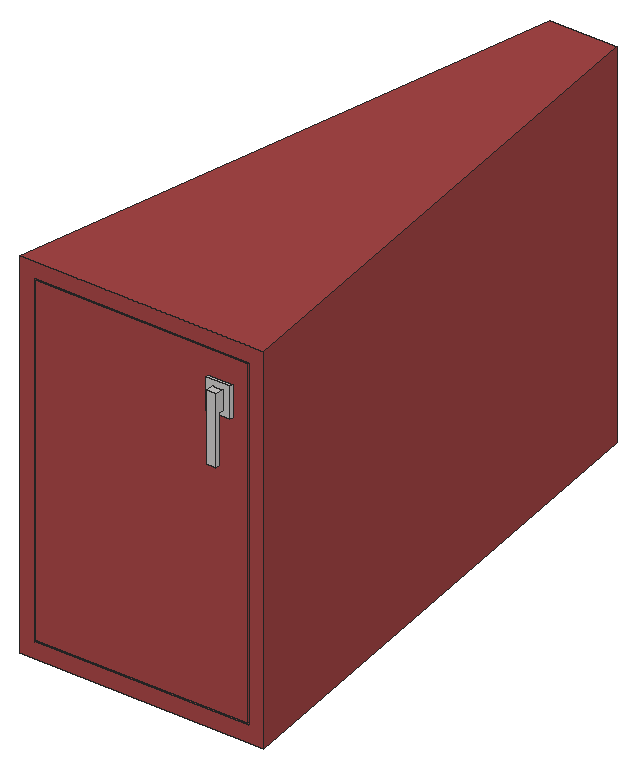
Revit family "Bike-Lockers_Huntco_BV-HW", category Site, host Face, Revit 2026
Family settings
  Host = Face
  Round Connector Dimension = Use Diameter
  Part Type = Normal
  Classification Number = 23.40.10.11.11
  Cut with Voids When Loaded = No
  Shared = No
Parameters
  Warranty Duration (Years) = 0
  Unit Width = 2' - 9"
  Unit Weight = 0
  Unit Length = 6' - 2 1/2"
  Unit Height = 4' - 0"
  URL = "http://www.huntco.com/"
  Test Data = ""
  Specification = "http://www.arcat.com/sdspecs/htm/02871hco.htm"
  SpecWizard = ""
  Sidewall Panel Perforations = yes
  Send Message = "http://www.arcat.com/users.pl?action=UserEmail&company=Huntco+Supply+LLC&coid=39482&rep=133&fax=503-274-2055&mf="
  Sales Information = ""
  Revision = "R1_11_2012"
  Regular Panels = not(or(Sidewall Panel Perforations, Door Panel Perforations))  # no
  Product Properties = ""
  Product Data = "http://www.arcat.com/arcatcos/cos39/arc39482.html"
  Model = "BV-HW"
  Manufacturer Website = "http://www.huntco.com/"
  Manufacturer Phone - Toll Free = "800-547-5909"
  Manufacturer Phone = "503-224-8700"
  Manufacturer Fax = "503-274-2055"
  Manufacturer Address = "Huntco Supply LLC P. O. Box 10385 Portland, OR 97296"
  Manufacturer = "Huntco Supply LLC"
  Maintenance Schedule (Months) = 0
  Locker Color = Metal - Steel - Huntco - Powdercoat as Specified
  Keynote = "02871"
  Installation-Fabrication = ""
  Installation Phase = ""
  Handle = Metal - Steel - Huntco - Stainless
  Green Building-LEED = "http://www.arcat.com/green/clients/leed_data_39482.html"
  Expected Lifespan (Years) = 0
  Drawn By = "Sumex Design, Inc. / Robert S. Weygant, CSI, CDT, SCIP"
  Door Panel Perforations = yes
  Description = "Huntco BV-HW Small Footprint Bike Locker"
  Default Elevation = 4' - 0"
  Copyright = "©Arcat Inc."
  Construction Details = "http://www.arcat.com/details/huntcosu/huntcosu.html?coid=39482"
  Capacity = "1 Bike"
  Building Codes = ""
  Assembly Code = "G2040500"
Reference planes (in)
  plane 1 "Center (Front/Back)": y = 0
  plane 2: z = 0
  plane 3 "Center (Left/Right)": x = 0
  plane 4: y = 37.25
  plane 5: y = -37.25
  plane 6: x = -16.5
  plane 7: x = 16.5
  plane 8: z = 48
  plane 9: x = -4.5
  plane 10: x = 4.5
Forms (in)
  Extrusion 1, solid, material "Metal - Steel - Huntco - Powdercoat as Specified" <- "Locker Color"
    sketch origin (0, 0, 0) x (1, 0, 0) y (0, 1, 0)
      loop
        line (-4.5, 37.25) -> (-16.5, -37.25) -> (-14.5, -37.25) -> (-14.5, -36.75) -> (-15.91302, -36.75) -> (-4.07409, 36.75) -> (4.07409, 36.75) -> (15.91302, -36.75) -> (14.5, -36.75) -> (14.5, -37.25) -> (16.5, -37.25) -> (4.5, 37.25) -> (-4.5, 37.25)
    from 0 to 46
  Extrusion 2, solid, material "Metal - Steel - Huntco - Powdercoat as Specified" <- "Locker Color"
    sketch origin (0, 0, 0) x (1, 0, 0) y (0, 0, 1)
      loop
        line (14.5, 0) -> (14.5, 2) -> (-14.5, 2) -> (-14.5, 0) -> (14.5, 0)
    from 37.25 to 36.75
  Extrusion 3, solid, material "Metal - Steel - Huntco - Powdercoat as Specified" <- "Locker Color"
    sketch origin (0, 0, 0) x (1, 0, 0) y (0, 1, 0)
      loop
        line (-4.5, 37.25) -> (-16.5, -37.25) -> (16.5, -37.25) -> (4.5, 37.25) -> (-4.5, 37.25)
    from 48 to 46
  Extrusion 4, solid, material "Metal - Steel - Huntco - Powdercoat as Specified" <- "Locker Color"
    sketch origin (0, 0, 0) x (1, 0, 0) y (0, 0, 1)
      loop
        line (-14.5, 45.75) -> (-14.5, 2.25) -> (14.25, 2.25) -> (14.25, 45.75) -> (-14.5, 45.75)
    from 37.25 to 36.75
  Extrusion 5, solid, material "Metal - Steel - Huntco - Powdercoat as Specified" <- "Locker Color"
    sketch origin (0, 0, 0) x (1, 0, 0) y (0, 1, 0)
      loop
        line (-4.5, 37.25) -> (-16.5, -37.25) -> (16.5, -37.25) -> (4.5, 37.25) -> (-4.5, 37.25)
    from 0 to 0.5
  Extrusion 6, solid, material "Metal - Steel - Huntco - Stainless" <- "Handle"
    sketch origin (0, 0, 0) x (1, 0, 0) y (0, 0, 1)
      loop
        line (8.99835, 42.53534) -> (8.99835, 38.53534) -> (12.24835, 38.53534) -> (12.24835, 42.53534) -> (8.99835, 42.53534)
    from 37.25 to 37.75
  Extrusion 7, solid, material "Metal - Steel - Huntco - Stainless" <- "Handle"
    sketch origin (0, 0, 0) x (0, 1, 0) y (0, 0, 1)
      loop
        line (-37.75, 41.75) -> (-38.8125, 41.75) -> (-38.8125, 32.75) -> (-38.3125, 32.75) -> (-38.3125, 39.25) -> (-37.75, 39.25) -> (-37.75, 41.75)
    from 9.95553 to 11.26023
Cuts and joins
  joined: Extrusion 1, Extrusion 2, Extrusion 3, Extrusion 5
Lines and regions (in)
  symbolic lines
    curve 1: line (-14.5, -37.25, 0) -> (-14.5, -66, 0)
    curve 2: arc (-14.5, -66, 0) -> (5.82932, -57.57932, 0) -> (14.25, -37.25, 0) r 28.75
Dimensions and locks (in)
  "Unit Height": plane 8 to level
  equal spacing: plane 4, plane 1 "Center (Front/Back)", plane 5
  "Unit Length": plane 4 to plane 5
  equal spacing: plane 6, plane 3 "Center (Left/Right)", plane 7
  "Unit Width": plane 6 to plane 7
  plane 9 to plane 10 = 0' - 9"
  aligned and locked: plane 2 to host face
  aligned and locked: level to host face
  aligned and locked: Extrusion 1 sketch curve to plane 4
  aligned and locked: level to Extrusion 2 sketch curve
  aligned and locked: Extrusion 2 to plane 5
  aligned and locked: Extrusion 3 sketch curve to Extrusion 1  (x4)
  aligned and locked: plane 8 to Extrusion 3
  aligned and locked: Extrusion 4 to plane 5
  aligned and locked: Extrusion 6 to plane 5
  aligned: curve 2 to Extrusion 4
Automatic sketch dimensions
  host sketch curve to host sketch curve = 8' - 0"  (x2)
  Extrusion 1 sketch curve to plane 5 = 0' - 0"  (x2)
  Extrusion 1 sketch curve to plane 6 = 0' - 0"
  Extrusion 1 sketch curve to plane 7 = 0' - 0"
  Extrusion 1 sketch curve to Extrusion 1 sketch curve = 0' - 0.58698"
  plane 5 to Extrusion 1 sketch curve = 0' - 0 1/2"  (x2)
  Extrusion 1 sketch curve to Extrusion 1 sketch curve = 0' - 1.41302"
  Extrusion 1 sketch curve to plane 3 "Center (Left/Right)" = 0' - 4 1/2"
  Extrusion 1 sketch curve to plane 4 = 0' - 0 1/2"
  plane 3 "Center (Left/Right)" to Extrusion 1 sketch curve = 0' - 4.07409"
  Extrusion 1 sketch curve to Extrusion 1 sketch curve = 0' - 0.42591"  (x2)
  Extrusion 1 sketch curve to plane 7 = 0' - 2"
  Extrusion 1 sketch curve to plane 7 = 0' - 0.58698"
  plane 6 to Extrusion 2 sketch curve = 0' - 2"
  Extrusion 2 sketch curve to plane 7 = 0' - 2"
  Extrusion 2 sketch curve to Extrusion 2 sketch curve = 0' - 2"
  Extrusion 5 sketch curve to plane 6 = 0' - 0"
  Extrusion 5 sketch curve to plane 4 = 0' - 0"
  Extrusion 5 sketch curve to plane 5 = 0' - 0"
  Extrusion 5 sketch curve to plane 7 = 0' - 0"
  Extrusion 5 sketch curve to plane 3 "Center (Left/Right)" = 0' - 4 1/2"
  plane 3 "Center (Left/Right)" to Extrusion 5 sketch curve = 0' - 4 1/2"
  Extrusion 6 sketch curve to plane 7 = 0' - 7.50165"
  Extrusion 6 sketch curve to Extrusion 6 sketch curve = 0' - 3 1/4"
  Extrusion 6 sketch curve to plane 8 = 0' - 9.46466"
  Extrusion 6 sketch curve to Extrusion 6 sketch curve = 0' - 4"
  Extrusion 7 sketch curve to plane 5 = 0' - 1 9/16"
  Extrusion 7 sketch curve to Extrusion 7 sketch curve = 0' - 0 1/2"
  Extrusion 7 sketch curve to plane 5 = 0' - 0 1/2"
  Extrusion 7 sketch curve to plane 8 = 1' - 3 1/4"
  Extrusion 7 sketch curve to Extrusion 7 sketch curve = 0' - 6 1/2"
  Extrusion 7 sketch curve to Extrusion 7 sketch curve = 0' - 2 1/2"
  plane 6 to Extrusion 4 sketch curve = 0' - 2"
  Extrusion 4 sketch curve to plane 7 = 0' - 2 1/4"
  level to Extrusion 4 sketch curve = 0' - 2 1/4"
  Extrusion 4 sketch curve to plane 8 = 0' - 2 1/4"
  curve 2 to plane 5 = 0' - 0"
  curve 1 to plane 5 = 0' - 0"
  plane 6 to curve 1 = 0' - 2"
  curve 2 to plane 7 = 0' - 2 1/4"
